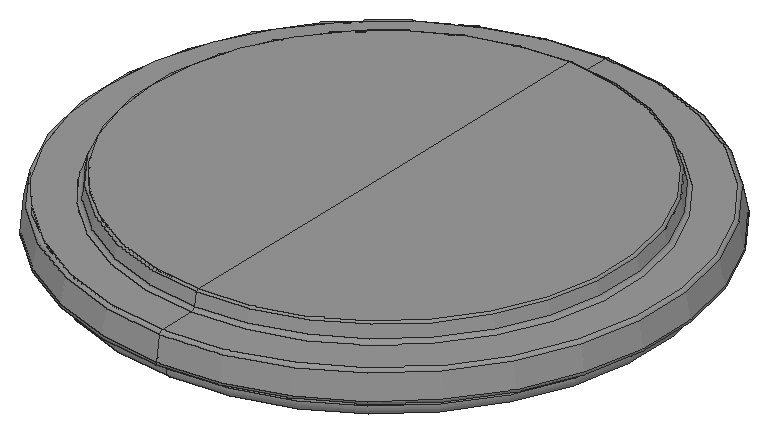
Revit family "FMK13_63_UN_Surface-mounted_ETK", category Lighting Fixtures, Revit 2017
Family settings
  Round Connector Dimension = Use Diameter
  Part Type = Normal
  OmniClass Number = 23.80.70.11.14.11
  OmniClass Title = Downlights
  Work Plane-Based = No
  Always vertical = Yes
  Cut with Voids When Loaded = No
  Light Source = No
  Shared = No
  Room Calculation Point = Yes
Parameters (values of type "FMK.1309.10 - Ø350x40 / 25W")
  Wattage Comments = "25W"
  Wall mounted [instance] = no
  Voltage = 230 V
  URL = "https://www.etk.nl/--4761"
  Type Comments = "IP54 - IK08"
  Symbol_Waterproof [instance] = no
  Symbol_Emergency Lighting [instance] = no
  Symbol Type = FMK.1 D350 Light_Symbol_IVL : Symbol 350mm
  Switch Code [instance] = ""
  Radius = Diameter / 2  # 175 mm
  Model = "FMK.1"
  Manufacturer = "ETK licht B.V."
  Luminaire_Body_Material = PPS Plastic
  Luminaire Code [instance] = ""
  Lamp = "LED"
  IfcExportType = "USERDEFINED"
  IfcExportAs = "IfcLightFixtureType"
  Distance Symbol [instance] = if(Wall mounted, 250 mm, 0 mm)  # 0 mm
  Distance Luminaire Wall [instance] = if([40mm Height], 28.2 mm, 38.2 mm)  # 28.2 mm
  Distance Luminaire [instance] = if([40mm Height], 28.2 mm, 38.2 mm)  # 28.2 mm
  Diameter = 350 mm
  Description = "Surface Mounted"
  Copyright © IVLighting = "www.ivlighting.nl"
  Ceiling mounted [instance] = not(Wall mounted)  # yes
  Calc_Radius = Radius - 7.7 mm  # 167.3 mm
  Bundle = "120°"
  Assembly Code = "63.0"
  Apparent Load = 25 VA
  48mm Height = not([40mm Height])  # no
  40mm Height = yes
Reference planes
  plane 1 "Center (Front/Back)": y = 0
  plane 2: z = 0
  plane 3 "Center (Left/Right)": x = 0
Dimensions and locks
  "Distance Luminaire": plane 2 to nested 3
  "Distance Luminaire Wall": nested 2 to plane 3 "Center (Left/Right)"
  "Distance Symbol": plane 3 "Center (Left/Right)" to nested 1
  aligned and locked: level to plane 2
Nested families
  nested 1: "FMK.1 D350 Light_Symbol_IVL" at (0, 0, 0), Wall mounted <- "Wall mounted", Emergency Lighting <- "Symbol_Emergency Lighting", Waterproof <- "Symbol_Waterproof", type <- "Symbol Type", type "Symbol 350mm"
    with Waterproof no, Wall mounted no, Lighting Fixture yes, Emergency Lighting no
  nested 2: "FMK1 Geometry" at (40.028, 0, -0.011) x (0, 0, 1) z (-1, 0, 0), visible <- "Wall mounted", type "FMK1 Geometry"
    with Symbol_Waterproof no, Symbol_Emergency Lighting no, Radius 175 mm, Diameter 350 mm, Calc_Radius 167.3 mm
  nested 3: "FMK1 Geometry" at (0, 0, -40.028) x (0, -1, 0) z (0, 0, 1), visible <- "Ceiling mounted", type "FMK1 Geometry"
    with Symbol_Waterproof no, Symbol_Emergency Lighting no, Radius 175 mm, Diameter 350 mm, Calc_Radius 167.3 mm
  nested 4: "FMK.1 - Lightsource" at (40.039, -3.799, 2.924) x (0, 0, -1) z (-1, 0, 0), visible <- "Wall mounted", type "FMK.1109.10 - Ø250x48 / 12W"
  nested 5: "FMK.1 - Lightsource" at (0, -0.95, -38.75), visible <- "Ceiling mounted", type "FMK.1109.10 - Ø250x48 / 12W"
Connectors
  electrical at (0, 0, 0), driven by "Apparent Load"
    settings: index 1, voltage 0 V, apparent load 0 VA, apparent load phase1 25 VA, apparent load phase2 0 VA, apparent load phase3 0 VA, power factor 1, load classification "Other", number of poles 1, system type 31, power factor state 1, is connector primary yes, connector utility no, sub classification motor no, connector description ""
Definition of nested family "FMK1 Geometry"
  Parameters (values of type "FMK1 Geometry")
    URL = "https://www.etk.nl/--4761"
    Type Comments = "IP54 - IK08"
    Symbol_Waterproof [instance] = no
    Symbol_Emergency Lighting [instance] = no
    Radius = Diameter / 2  # 150 mm
    Model = "FMK.1"
    Manufacturer = "ETK licht B.V."
    Luminaire_Body_Material = none
    Diameter = 300 mm
    Description = "Surface Mounted"
    Default Elevation = 1219.2 mm
    Copyright © IVLighting = "www.ivlighting.nl"
    Calc_Radius = Radius - 7.7 mm  # 142.3 mm
    Assembly Code = "63.0"
    48mm Height = not([40mm Height])  # no
    40mm Height = yes
  Reference planes
    plane 1 "Center (Front/Back)": y = 0
    plane 2: z = 0
    plane 3 "Center (Left/Right)": x = 0
    plane 4: x = -150
    plane 5: x = -142.3
    plane 6: x = -117.421
    plane 7: x = -150
    plane 8: x = -120.493
  Forms (mm)
    Revolve 1, solid, visible <- "48mm Height"
      sketch origin (0, 0, 0) x (1, 0, 0) y (0, 0, 1)
        loop
          line (0, 11.878) -> (0, 50.016) -> (-117.421, 50.016)
          arc (-117.421, 50.016) -> (-118.285, 49.731) -> (-118.81, 48.988) r 1.453
          arc (-118.81, 48.988) -> (-120.071, 44.131) -> (-120.91, 39.183) r 58.4
          arc (-120.91, 39.183) -> (-121.418, 38.222) -> (-122.436, 37.837) r 1.538
          line (-122.436, 37.837) -> (-141.664, 37.837)
          arc (-141.664, 37.837) -> (-143.489, 37.28) -> (-144.691, 35.8) r 3.266
          arc (-144.691, 35.8) -> (-148.152, 25.071) -> (-150, 13.95) r 76.559
          arc (-150, 13.95) -> (-149.511, 12.497) -> (-148.108, 11.878) r 1.9
          line (-148.108, 11.878) -> (0, 11.878)
        axis (0, 50.016) -> (0, 11.878)
      angle from 0 to 360
    Revolve 2, solid
      sketch origin (0, 0, 0) x (1, 0, 0) y (0, 0, 1)
        loop
          line (-135.229, 0) -> (0, 0) -> (0, 11.828) -> (-142.3, 11.828) -> (-142.3, 7.071)
          arc (-142.3, 7.071) -> (-140.229, 2.071) -> (-135.229, 0) r 7.071
        axis (0, 11.828) -> (0, 0)
      angle from 0 to 360
    Revolve 3, solid, visible <- "40mm Height"
      sketch origin (0, 0, 0) x (1, 0, 0) y (0, 0, 1)
        loop
          line (0, 11.878) -> (0, 40) -> (-117.421, 40)
          arc (-117.421, 40) -> (-118.285, 39.715) -> (-118.81, 38.972) r 1.453
          arc (-118.81, 38.972) -> (-119.76, 35.483) -> (-120.493, 31.941) r 58.4
          arc (-120.493, 31.941) -> (-121.366, 30.426) -> (-123.008, 29.828) r 2.553
          line (-123.008, 29.828) -> (-145.086, 29.828)
          arc (-145.086, 29.828) -> (-146.498, 29.355) -> (-147.342, 28.129) r 2.347
          arc (-147.342, 28.129) -> (-149.006, 21.102) -> (-150, 13.95) r 76.559
          arc (-150, 13.95) -> (-149.511, 12.497) -> (-148.108, 11.878) r 1.9
          line (-148.108, 11.878) -> (0, 11.878)
        axis (0, 40) -> (0, 11.878)
      angle from 0 to 360
  Dimensions and locks
    "Radius": plane 3 "Center (Left/Right)" to plane 4
    "Calc_Radius": plane 3 "Center (Left/Right)" to plane 5
    locked: plane 6 to plane 4 at 32.579
    Revolve 3 sketch curve to plane 2 = 40 mm
    locked: plane 7 to plane 8 at 29.507
    "Radius": plane 3 "Center (Left/Right)" to plane 7
    aligned and locked: level to plane 2
    aligned and locked: plane 4 to Revolve 1 sketch curve
    aligned and locked: plane 5 to Revolve 2 sketch curve
    aligned and locked: plane 6 to Revolve 1 sketch curve
    aligned and locked: plane 7 to Revolve 3 sketch curve
  Automatic sketch dimensions
    Revolve 1 sketch curve to plane 4 = 0 mm
    Revolve 1 sketch curve to plane 3 "Center (Left/Right)" = 0 mm  (x2)
    plane 4 to Revolve 1 sketch curve = 1.892 mm
    plane 4 to Revolve 1 sketch curve = 8.336 mm
    Revolve 1 sketch curve to plane 6 = 5.015 mm
    level to Revolve 1 sketch curve = 6.994 mm
    plane 6 to Revolve 1 sketch curve = 43.663 mm
    Revolve 1 sketch curve to Revolve 1 sketch curve = 10.792 mm
    level to Revolve 1 sketch curve = 11.878 mm
    Revolve 1 sketch curve to Revolve 1 sketch curve = 24.906 mm
    Revolve 1 sketch curve to Revolve 1 sketch curve = 20.793 mm
    Revolve 1 sketch curve to Revolve 1 sketch curve = 3.266 mm
    Revolve 1 sketch curve to Revolve 1 sketch curve = 1.538 mm
    Revolve 1 sketch curve to Revolve 1 sketch curve = 9.38 mm
    Revolve 1 sketch curve to Revolve 1 sketch curve = 38.138 mm
    Revolve 1 sketch curve to Revolve 1 sketch curve = 0 mm
    Revolve 1 sketch curve to level = 366.045 mm
    Revolve 1 sketch curve to Revolve 1 sketch curve = 2164.299 mm
    Revolve 2 sketch curve to level = 0 mm
    Revolve 2 sketch curve to plane 3 "Center (Left/Right)" = 0 mm  (x2)
    plane 5 to Revolve 2 sketch curve = 7.071 mm
    level to Revolve 2 sketch curve = 11.828 mm
    Revolve 2 sketch curve to Revolve 2 sketch curve = 366.045 mm
    Revolve 2 sketch curve to Revolve 2 sketch curve = 2202.487 mm
    plane 7 to Revolve 3 sketch curve = 0 mm
    plane 8 to Revolve 3 sketch curve = 0 mm  (x2)
    Revolve 3 sketch curve to plane 3 "Center (Left/Right)" = 0 mm  (x2)
    Revolve 3 sketch curve to plane 7 = 1.892 mm
    Revolve 3 sketch curve to plane 7 = 4.914 mm
    plane 8 to Revolve 3 sketch curve = 2.515 mm
    Revolve 3 sketch curve to plane 8 = 3.073 mm
    level to Revolve 3 sketch curve = 6.994 mm
    Revolve 3 sketch curve to plane 8 = 46.736 mm
    Revolve 3 sketch curve to Revolve 3 sketch curve = 10.792 mm
    level to Revolve 3 sketch curve = 11.878 mm
    Revolve 3 sketch curve to Revolve 3 sketch curve = 14.89 mm
    Revolve 3 sketch curve to Revolve 3 sketch curve = 13.703 mm
    Revolve 3 sketch curve to Revolve 3 sketch curve = 2.347 mm
    Revolve 3 sketch curve to Revolve 3 sketch curve = 1.453 mm
    Revolve 3 sketch curve to level = 366.045 mm
    Revolve 3 sketch curve to Revolve 3 sketch curve = 2174.315 mm
Definition of nested family "FMK.1 D350 Light_Symbol_IVL"
  Parameters (values of type "Symbol 350mm")
    Waterproof [instance] = no
    Wall mounted [instance] = no
    Lighting Fixture [instance] = yes
    Emergency Lighting [instance] = no
  Types (3): name
    Symbol 250mm
    Symbol 300mm
    Symbol 350mm
  Reference planes
    plane 1: y = 0
    plane 2: x = 0
  Lines and regions (mm)
    Filled region 1, type "Emergency Lighting", visible <- "Waterproof"
      outline origin (5.15, 1.04, 0) x (1, 0, 0) y (0, 1, 0)
        loop
          arc (-6.874, -1.34) -> (-6.276, -2.38) -> (-5.15, -2.79) r 1.75
          arc (-5.15, -2.79) -> (-4.024, -2.38) -> (-3.426, -1.34) r 1.75
          line (-3.426, -1.34) -> (-6.874, -1.34)
    Filled region 2, type "Emergency Lighting", visible <- "Emergency Lighting"
      outline origin (-5.15, 1.04, 0) x (0, 1, 0) y (-1, 0, 0)
        loop
          line (-1.04, -5.15) -> (-2.278, -6.387)
          arc (-2.278, -6.387) -> (-1.04, -6.9) -> (0.197, -6.387) r 1.75
          line (0.197, -6.387) -> (-1.04, -5.15)
    Filled region 3, type "Emergency Lighting", visible <- "Emergency Lighting"
      outline origin (5.15, 1.04, 0) x (1, 0, 0) y (0, 1, 0)
        loop
          line (-5.15, -1.04) -> (-6.387, 0.197)
          arc (-6.387, 0.197) -> (-6.9, -1.04) -> (-6.387, -2.278) r 1.75
          line (-6.387, -2.278) -> (-5.15, -1.04)
    detail lines, visible <- "Lighting Fixture"
      curve 1: circle (0, 0, 0) r 1.75 normal (0, 0, 1)
    detail lines, visible <- "Waterproof"
      curve 2: circle (0, 0, 0) r 1.75 normal (0, 0, 1)
    detail lines, visible <- "Emergency Lighting"
      curve 3: circle (0, 0, 0) r 1.75 normal (0, 0, 1)
    detail lines, visible <- "Wall mounted"
      curve 4: line (-1.75, 0, 0) -> (-2.5, 0, 0)
      curve 5: line (-2.5, 1, 0) -> (-2.5, -1, 0)
Definition of nested family "FMK.1 - Lightsource"
  Parameters (values of type "FMK.1109.10 - Ø250x48 / 12W")
    Wattage Comments = "12W"
    Wattage = 23.5624 W
    built-in parameter 1150110 = 1 (stored number, unit not read)
    URL = "https://www.etk.nl/--4761"
    built-in parameter 1114217 = 1 (stored number, unit not read)
    Tilt Angle = 90.00°
    built-in parameter 1150109 = 1 (stored number, unit not read)
    built-in parameter 1150134 = (empty or 0)
    built-in parameter 1150113 = 1 (stored number, unit not read)
    Photometric Web File = "FMK.1109.10.ies"
    built-in parameter 1150142 = "IESNA:LM-63-2002\r\n[TEST] /2015\r\n[TESTLAB] ies2eulumdat.appspot.com\r\n[ISSUEDATE] 2021-06-16T09:00:21.829\r\n[MANUFAC] www.etk.nl\r\n[LUMCAT] FMK.1109.10\r\n[LUMINAIRE] FMK.1 LED 12W 3000/4000/5700K ø250 niet dimbaar\r\n[LAMPCAT] LED\r\n[LAMP] LED\r\nTILT=NONE\r\n1\t1150\t1\t46\t180\t1\t2\t-0.250\t-0.250\t0\r\n1.0\t1.0\t11.80\r\n0\t 2\t 4\t 6\t 8\t 10\t 12\t 14\t 16\t 18\r\n20\t 22\t 24\t 26\t 28\t 30\t 32\t 34\t 36\t 38\r\n40\t 42\t 44\t 46\t 48\t 50\t 52\t 54\t 56\t 58\r\n60\t 62\t 64\t 66\t 68\t 70\t 72\t 74\t 76\t 78\r\n80\t 82\t 84\t 86\t 88\t 90\r\n0\t 2\t 4\t 6\t 8\t 10\t 12\t 14\t 16\t 18\r\n20\t 22\t 24\t 26\t 28\t 30\t 32\t 34\t 36\t 38\r\n40\t 42\t 44\t 46\t 48\t 50\t 52\t 54\t 56\t 58\r\n60\t 62\t 64\t 66\t 68\t 70\t 72\t 74\t 76\t 78\r\n80\t 82\t 84\t 86\t 88\t 90\t 92\t 94\t 96\t 98\r\n100\t 102\t 104\t 106\t 108\t 110\t 112\t 114\t 116\t 118\r\n120\t 122\t 124\t 126\t 128\t 130\t 132\t 134\t 136\t 138\r\n140\t 142\t 144\t 146\t 148\t 150\t 152\t 154\t 156\t 158\r\n160\t 162\t 164\t 166\t 168\t 170\t 172\t 174\t 176\t 178\r\n180\t 182\t 184\t 186\t 188\t 190\t 192\t 194\t 196\t 198\r\n200\t 202\t 204\t 206\t 208\t 210\t 212\t 214\t 216\t 218\r\n220\t 222\t 224\t 226\t 228\t 230\t 232\t 234\t 236\t 238\r\n240\t 242\t 244\t 246\t 248\t 250\t 252\t 254\t 256\t 258\r\n260\t 262\t 264\t 266\t 268\t 270\t 272\t 274\t 276\t 278\r\n280\t 282\t 284\t 286\t 288\t 290\t 292\t 294\t 296\t 298\r\n300\t 302\t 304\t 306\t 308\t 310\t 312\t 314\t 316\t 318\r\n320\t 322\t 324\t 326\t 328\t 330\t 332\t 334\t 336\t 338\r\n340\t 342\t 344\t 346\t 348\t 350\t 352\t 354\t 356\t 358\r\n\r\n405.3384\t404.7765\t404.2265\t402.9975\t401.1013\t399.2051\t395.3191\t391.4331\t387.5471\t383.661\r\n379.7751\t373.4779\t367.169\t360.8717\t354.5746\t348.2657\t339.7094\t331.1415\t322.5852\t314.029\r\n305.461\t294.8096\t284.1582\t273.5069\t262.8555\t252.2041\t239.7267\t227.261\t214.7837\t202.3181\r\n189.8525\t177.3751\t164.9094\t152.432\t139.9664\t127.4891\t0\t0\t0\t0\r\n0\t0\t0\t0\t0\t0\r\n405.3384\t404.7925\t404.2577\t403.0448\t401.1686\t399.2994\t395.4335\t391.5606\t387.7102\t383.8203\r\n379.9334\t373.6444\t367.3443\t361.0453\t354.7325\t348.4388\t339.8983\t331.3616\t322.8117\t314.2627\r\n305.722\t295.0872\t284.4404\t273.8022\t263.1576\t252.5163\t240.0548\t227.5873\t215.131\t202.664\r\n190.1945\t177.7378\t165.2697\t152.8012\t140.3312\t128.1946\t0.3296\t0\t0\t0\r\n0\t0\t0\t0\t0\t0\r\n405.3384\t404.8094\t404.2892\t403.0935\t401.2796\t399.4809\t395.6213\t391.7396\t387.8385\t383.9437\r\n380.072\t373.802\t367.5085\t361.2065\t354.9129\t348.6531\t340.137\t331.5961\t323.0451\t314.5012\r\n305.9895\t295.3818\t284.734\t274.0862\t263.4264\t252.8071\t240.376\t227.9231\t215.4572\t202.995\r\n190.53\t178.0631\t165.6056\t153.1389\t140.6717\t129.4859\t1.3419\t0\t0\t0\r\n0\t0\t0\t0\t0\t0\r\n405.3384\t404.8271\t404.3209\t403.1488\t401.3532\t399.5783\t395.7291\t391.8382\t387.9181\t384.0265\r\n380.1901\t373.9544\t367.6616\t361.3486\t355.0482\t348.8012\t340.3437\t331.8018\t323.2501\t314.6929\r\n306.2129\t295.662\t285.012\t274.3604\t263.7094\t253.1247\t240.74\t228.2758\t215.8122\t203.3491\r\n190.8749\t178.4127\t165.9503\t153.4898\t141.027\t131.3458\t3.1025\t0\t0\t0\r\n0\t0\t0\t0\t0\t0\r\n405.3384\t404.8458\t404.3591\t403.1978\t401.4167\t399.6486\t395.7816\t391.8937\t388.0038\t384.1068\r\n380.2987\t374.1143\t367.817\t361.5156\t355.2003\t348.9967\t340.5979\t332.043\t323.4957\t314.942\r\n306.4955\t295.9896\t285.3021\t274.6328\t263.9659\t253.4202\t241.0823\t228.6129\t216.1591\t203.6915\r\n191.2234\t178.7558\t166.3001\t153.8352\t141.371\t133.6544\t5.718\t0\t0\t0\r\n0\t0\t0\t0\t0\t0\r\n405.3384\t404.8652\t404.3908\t403.2459\t401.4706\t399.6646\t395.8675\t391.9843\t388.0857\t384.1821\r\n380.4316\t374.3456\t368.0256\t361.7021\t355.3697\t349.2\t340.8799\t332.2872\t323.6935\t315.0968\r\n306.6804\t296.3012\t285.6181\t274.9391\t264.248\t253.707\t241.4578\t228.9766\t216.4988\t204.0245\r\n191.5571\t179.0864\t166.6186\t154.1544\t141.6922\t136.24\t9.3369\t0\t0\t0\r\n0\t0\t0\t0\t0\t0\r\n405.3384\t404.8854\t404.4219\t403.2933\t401.5055\t399.7186\t395.9651\t392.0842\t388.1903\t384.3067\r\n380.5784\t374.5562\t368.2162\t361.8639\t355.4958\t349.3364\t341.1183\t332.5123\t323.9013\t315.2964\r\n306.9063\t296.6299\t285.9122\t275.1976\t264.4831\t253.9575\t241.8218\t229.3201\t216.8328\t204.3396\r\n191.8483\t179.3695\t166.8926\t154.4222\t141.9565\t138.8551\t14.1501\t0\t0\t0\r\n0\t0\t0\t0\t0\t0\r\n405.3384\t404.9066\t404.4521\t403.3398\t401.5506\t399.7766\t396.0731\t392.2029\t388.3231\t384.3922\r\n380.6589\t374.7488\t368.3792\t361.9898\t355.5837\t349.4181\t341.3685\t332.7528\t324.1099\t315.4532\r\n307.0598\t296.9581\t286.2249\t275.4731\t264.7159\t254.1799\t242.1928\t229.6762\t217.1659\t204.6692\r\n192.1717\t179.6758\t167.1817\t154.6978\t142.2295\t141.3105\t20.401\t0\t0\t0\r\n0\t0\t0\t0\t0\t0\r\n405.3384\t404.9688\t404.4817\t403.3908\t401.5946\t399.8358\t396.2032\t392.3475\t388.4203\t384.4425\r\n380.7195\t374.9437\t368.5473\t362.1238\t355.6851\t349.5134\t341.9282\t332.9785\t324.3069\t315.6402\r\n306.9436\t297.5694\t286.5262\t275.7395\t264.9593\t254.1623\t242.7912\t230.0358\t217.5005\t204.986\r\n192.4711\t179.9636\t167.4644\t154.9748\t142.4941\t143.2492\t28.3764\t0\t0\t0\r\n0\t0\t0\t0\t0\t0\r\n405.3384\t404.9901\t404.5102\t403.434\t401.6375\t399.8986\t396.3675\t392.4653\t388.4946\t384.4886\r\n380.7515\t375.1532\t368.7296\t362.2829\t355.7949\t349.2691\t342.1908\t333.257\t324.528\t315.7751\r\n307.0363\t297.9246\t286.8722\t276.0236\t265.1733\t254.3419\t243.18\t230.433\t217.8766\t205.3224\r\n192.7845\t180.2462\t167.7206\t155.2142\t142.724\t144.3059\t38.4235\t0\t0\t0\r\n0\t0\t0\t0\t0\t0\r\n405.3384\t405.0108\t404.5376\t403.4745\t401.6757\t399.9613\t396.5103\t392.5677\t388.5717\t384.5293\r\n380.4421\t375.6788\t368.9428\t362.4278\t355.8852\t349.3419\t342.4468\t333.4846\t324.7196\t315.9401\r\n307.1422\t298.1755\t287.1691\t276.2852\t265.4162\t254.5351\t243.54\t230.8321\t218.2158\t205.6051\r\n193.0422\t180.5018\t167.9628\t155.4439\t142.9509\t130.4715\t80.1717\t0\t0\t0\r\n0\t0\t0\t0\t0\t0\r\n405.3384\t405.0308\t404.5638\t403.5122\t401.7197\t400.0344\t396.6479\t392.675\t388.642\t384.5539\r\n380.446\t375.8849\t369.1475\t362.5941\t356.0076\t349.3402\t342.606\t333.7678\t324.9507\t316.0958\r\n307.1888\t298.3823\t287.5427\t276.5987\t265.6547\t254.6769\t243.7733\t231.1892\t218.5583\t205.9536\r\n193.3574\t180.7795\t168.2176\t155.6732\t143.1664\t130.6811\t92.6587\t0\t0\t0\r\n0\t0\t0\t0\t0\t0\r\n405.3384\t405.0504\t404.5956\t403.547\t401.7653\t400.0733\t397.0342\t392.7846\t388.7175\t384.6009\r\n380.4658\t376.0643\t369.3866\t362.7735\t356.0799\t349.3699\t342.7566\t334.0832\t325.1628\t316.2179\r\n307.2752\t298.5357\t287.9146\t276.8913\t265.8705\t254.8646\t244.0337\t231.6235\t218.9315\t206.265\r\n193.6356\t181.0339\t168.4572\t155.9156\t143.3861\t130.8825\t104.473\t0\t0\t0\r\n0\t0\t0\t0\t0\t0\r\n405.3384\t405.0692\t404.6173\t403.5726\t401.812\t400.0922\t397.1653\t392.8976\t388.795\t384.6787\r\n380.4567\t376.1942\t369.6246\t362.9226\t356.2055\t349.4272\t342.8367\t334.3769\t325.3805\t316.3703\r\n307.3625\t298.3377\t288.5546\t277.2123\t266.1258\t255.0391\t244.1559\t232.0335\t219.3073\t206.6258\r\n193.9576\t181.3129\t168.7045\t156.1324\t143.5875\t131.0872\t115.0185\t0\t0\t0\r\n0\t0\t0\t0\t0\t0\r\n405.3384\t405.0876\t404.6362\t403.6022\t401.8688\t399.828\t397.2783\t392.9976\t388.9023\t384.7385\r\n380.4432\t376.2623\t369.8607\t363.1303\t356.3361\t349.4819\t342.5273\t334.9205\t325.6274\t316.563\r\n307.4647\t298.325\t288.8953\t277.552\t266.3836\t255.2249\t244.066\t232.6598\t219.71\t206.9637\r\n194.2635\t181.5828\t168.9417\t156.3369\t143.7678\t131.2452\t123.6219\t0\t0\t0\r\n0\t0\t0\t0\t0\t0\r\n405.3384\t405.1054\t404.6527\t403.6299\t401.9954\t399.8313\t397.3825\t393.1311\t389.0376\t384.7914\r\n380.4256\t376.2601\t370.1442\t363.3441\t356.5\t349.5195\t342.4467\t335.1645\t325.9313\t316.7695\r\n307.548\t298.3169\t289.1161\t277.9297\t266.651\t255.4032\t244.1853\t232.9715\t220.1319\t207.3312\r\n194.5444\t181.8166\t169.148\t156.5181\t143.9438\t131.4005\t129.5504\t10.7169\t0\t0\r\n0\t0\t0\t0\t0\t0\r\n405.3384\t405.1227\t404.6665\t403.6558\t402.0282\t399.8387\t397.4732\t393.2952\t389.1616\t384.8421\r\n380.4176\t375.9014\t370.721\t363.6037\t356.6569\t349.5494\t342.4061\t335.3294\t326.2421\t316.9739\r\n307.6665\t298.3454\t289.1781\t278.2878\t266.963\t255.6467\t244.3238\t233.1536\t220.5163\t207.6577\r\n194.8355\t182.0686\t169.3482\t156.6677\t144.0408\t131.4715\t131.8453\t25.923\t0\t0\r\n0\t0\t0\t0\t0\t0\r\n405.3384\t405.1396\t404.6776\t403.6776\t402.0538\t399.8619\t397.5341\t393.5083\t389.2881\t384.8846\r\n380.4261\t375.832\t370.9139\t363.9038\t356.8028\t349.6355\t342.4017\t335.332\t326.5796\t317.2212\r\n307.8198\t298.3417\t288.8594\t278.9905\t267.339\t255.8866\t244.4302\t233.0061\t221.1259\t208.0094\r\n195.1274\t182.2902\t169.5075\t156.7928\t144.1389\t131.538\t118.9821\t72.5747\t0\t0\r\n0\t0\t0\t0\t0\t0\r\n405.3384\t405.1559\t404.686\t403.7113\t402.0482\t399.882\t397.6063\t393.7003\t389.4083\t384.9648\r\n380.4586\t375.7543\t371.0891\t364.165\t357.0131\t349.7518\t342.4103\t334.9484\t327.1548\t317.4999\r\n307.9709\t298.3923\t288.8332\t279.2321\t267.7019\t256.1485\t244.593\t233.049\t221.4516\t208.379\r\n195.4187\t182.5259\t169.6952\t156.9157\t144.2105\t131.5685\t118.9925\t91.6472\t0\t0\r\n0\t0\t0\t0\t0\t0\r\n405.3384\t405.1718\t404.6918\t403.7304\t402.0748\t399.9057\t397.6713\t393.8957\t389.5114\t385.088\r\n380.4979\t375.7076\t371.0587\t364.4889\t357.2386\t349.9042\t342.4218\t334.8539\t327.2884\t317.8216\r\n308.1836\t298.5219\t288.784\t279.2695\t268.1369\t256.4569\t244.7869\t233.1079\t221.6219\t208.7797\r\n195.7476\t182.7712\t169.842\t157.0084\t144.2669\t131.5897\t118.9856\t106.3522\t0\t0\r\n0\t0\t0\t0\t0\t0\r\n405.3384\t405.1872\t404.677\t403.7455\t402.1069\t399.9332\t397.7438\t394.3242\t389.6719\t385.2237\r\n380.5442\t375.6807\t370.6129\t365.0631\t357.5309\t350.0674\t342.4859\t334.7817\t327.2448\t318.4473\r\n308.4635\t298.6371\t288.784\t278.8955\t268.7927\t256.8209\t244.9966\t233.2361\t221.4851\t209.3772\r\n196.0586\t182.9925\t170.014\t157.1221\t144.303\t131.5659\t118.922\t115.4507\t0.7529\t0\r\n0\t0\t0\t0\t0\t0\r\n405.3384\t405.2023\t404.5924\t403.7567\t402.1445\t399.9518\t397.5215\t394.4699\t389.8906\t385.382\r\n380.6063\t375.6074\t370.4961\t365.1827\t357.8531\t350.2794\t342.5728\t334.767\t326.8088\t318.7303\r\n308.7717\t298.8224\t288.8326\t278.8036\t268.8778\t257.2662\t245.3121\t233.3885\t221.4719\t209.6291\r\n196.4163\t183.2663\t170.1886\t157.217\t144.3317\t131.5459\t118.8227\t106.1876\t17.4697\t0\r\n0\t0\t0\t0\t0\t0\r\n405.3384\t405.217\t404.5944\t403.7643\t402.2164\t399.9969\t397.5215\t394.5348\t390.1198\t385.5481\r\n380.6842\t375.579\t370.3695\t365.1761\t358.5091\t350.5396\t342.7377\t334.7731\t326.7113\t318.7291\r\n309.1553\t299.0695\t288.9289\t278.7193\t268.5571\t257.9194\t245.6422\t233.5555\t221.5159\t209.6959\r\n196.8141\t183.564\t170.3986\t157.3153\t144.3298\t131.4311\t118.6433\t105.963\t65.2493\t0\r\n0\t0\t0\t0\t0\t0\r\n405.3384\t405.2314\t404.597\t403.7683\t402.259\t400.1387\t397.5142\t394.6254\t390.3718\t385.7346\r\n380.7618\t375.6336\t370.2359\t364.7113\t358.7633\t350.8369\t342.942\t334.8576\t326.6208\t318.2983\r\n309.7123\t299.3766\t289.0811\t278.7695\t268.3526\t258.0866\t246.0418\t233.822\t221.6258\t209.5032\r\n197.3492\t183.8918\t170.5912\t157.4067\t144.3357\t131.3476\t118.48\t105.7362\t86.9291\t0\r\n0\t0\t0\t0\t0\t0\r\n405.3384\t405.2454\t404.6007\t403.7691\t402.2969\t400.2013\t397.5194\t394.7022\t390.8756\t385.9297\r\n380.8283\t375.6809\t370.2029\t364.5257\t358.7975\t351.2443\t343.1931\t334.9798\t326.6184\t318.1094\r\n309.6994\t299.7814\t289.3562\t278.8261\t268.235\t257.6488\t246.725\t234.1375\t221.8235\t209.5282\r\n197.4412\t184.2693\t170.8692\t157.5318\t144.3183\t131.2485\t118.3192\t105.4985\t99.8452\t0\r\n0\t0\t0\t0\t0\t0\r\n405.3384\t405.2465\t404.6055\t403.7327\t402.33\t400.28\t397.5374\t394.7758\t391.1064\t386.1222\r\n380.9814\t375.6963\t370.1916\t364.3689\t358.3019\t351.8681\t343.551\t335.1761\t326.6651\t318.0094\r\n309.224\t300.3263\t289.676\t278.9673\t268.2109\t257.4449\t246.79\t234.5954\t222.0662\t209.6096\r\n197.2538\t184.796\t171.1111\t157.6776\t144.3725\t131.1929\t118.1378\t105.2239\t92.4606\t7.417\r\n0\t0\t0\t0\t0\t0\r\n405.3384\t405.26\t404.6117\t403.7331\t402.3583\t400.3318\t397.5727\t394.5667\t391.2865\t386.3445\r\n381.2477\t375.7985\t370.1959\t364.244\t358.0878\t351.9228\t343.9437\t335.4465\t326.8059\t317.9911\r\n309.0489\t300.2024\t290.2985\t279.2004\t268.2951\t257.2789\t246.344\t235.2056\t222.4167\t209.7955\r\n197.2042\t184.8605\t171.4948\t157.9091\t144.4487\t131.1247\t117.9609\t104.9565\t92.1149\t52.9313\r\n0\t0\t0\t0\t0\t0\r\n405.3384\t405.2736\t404.6193\t403.7351\t402.3811\t400.3748\t397.6302\t394.5872\t391.3781\t386.8119\r\n381.4951\t375.9993\t370.2514\t364.1293\t357.9116\t351.3889\t344.5079\t335.822\t327.0416\t318.0736\r\n308.9557\t299.6921\t290.3569\t279.5927\t268.421\t257.3226\t246.1\t234.903\t222.8814\t210.0311\r\n197.2958\t184.6475\t172.0079\t158.165\t144.5452\t131.0796\t117.7978\t104.7315\t91.8426\t76.8551\r\n0\t0\t0\t0\t0\t0\r\n405.3384\t405.2871\t404.6284\t403.7382\t402.383\t400.4092\t397.8019\t394.6157\t391.382\t386.9759\r\n381.7537\t376.2214\t370.3501\t364.1175\t357.7917\t351.1064\t344.4201\t336.5393\t327.3814\t318.2587\r\n308.9705\t299.4656\t289.8818\t280.0753\t268.8078\t257.4031\t245.984\t234.5829\t223.2864\t210.4452\r\n197.4796\t184.6232\t171.8738\t158.4916\t144.6856\t131.1101\t117.7175\t104.5034\t91.5471\t87.0893\r\n0\t0\t0\t0\t0\t0\r\n405.3384\t405.3008\t404.6392\t403.7418\t402.3989\t400.4352\t397.8747\t394.6614\t391.0674\t387.1128\r\n382.2229\t376.4632\t370.4832\t364.2203\t357.7251\t350.8963\t343.8101\t336.6669\t327.8215\t318.561\r\n309.1145\t299.4337\t289.6313\t279.6987\t269.4041\t257.6346\t246.0417\t234.3777\t222.7877\t211.0609\r\n197.8041\t184.6956\t171.7174\t158.9026\t144.9461\t131.1605\t117.657\t104.3263\t91.2411\t78.3968\r\n8.6356\t0\t0\t0\t0\t0\r\n405.3384\t405.3146\t404.6518\t403.7453\t402.4116\t400.4333\t397.9374\t394.7255\t391.0189\t387.2362\r\n382.4741\t376.7553\t370.621\t364.3583\t357.712\t350.7498\t343.5434\t336.0689\t328.3754\t318.9975\r\n309.3575\t299.5473\t289.484\t279.3984\t269.2587\t258.261\t246.2079\t234.3624\t222.4746\t210.6739\r\n198.3975\t184.9162\t171.7187\t158.643\t145.2545\t131.3415\t117.6016\t104.16\t90.981\t78.0548\r\n54.1337\t0\t0\t0\t0\t0\r\n405.3384\t405.4889\t404.6945\t403.6712\t402.4205\t400.4506\t397.9834\t394.8928\t390.9998\t386.973\r\n382.6577\t377.3141\t370.8707\t364.5641\t357.7877\t350.7046\t343.3801\t335.7208\t327.8525\t319.6767\r\n309.7968\t299.7787\t289.6134\t279.2245\t268.6962\t258.2578\t246.6038\t234.4814\t222.3847\t210.2821\r\n198.4381\t185.3347\t171.8446\t158.564\t145.4985\t131.5442\t117.6455\t104.0124\t90.7095\t77.7184\r\n71.0115\t0\t0\t0\t0\t0\r\n405.3384\t405.5009\t404.7104\t403.6809\t402.4254\t400.4644\t398.0198\t394.9896\t391.014\t386.9406\r\n382.6666\t377.537\t371.2201\t364.837\t357.9545\t350.7593\t343.2926\t335.5022\t327.46\t319.1538\r\n310.4783\t300.1684\t289.8497\t279.2431\t268.5397\t257.661\t246.8589\t234.8353\t222.4783\t210.092\r\n197.8192\t185.7046\t172.2109\t158.5712\t145.1721\t131.9025\t117.7262\t103.9048\t90.5045\t77.4349\r\n64.724\t0\t0\t0\t0\t0\r\n405.3384\t405.512\t404.7274\t403.6949\t402.4256\t400.4737\t398.0459\t395.0319\t391.1349\t386.9314\r\n382.368\t377.565\t371.7894\t365.1647\t358.2122\t350.925\t343.2805\t335.4297\t327.1908\t318.7224\r\n309.9642\t300.886\t290.2777\t279.5029\t268.5805\t257.4726\t246.2239\t235.0727\t222.7881\t210.1727\r\n197.5617\t185.0625\t172.6371\t158.8143\t145.0846\t131.6118\t117.8827\t103.9322\t90.3265\t77.1744\r\n64.48\t35.0653\t0\t0\t0\t0\r\n405.3384\t405.522\t404.7455\t403.7452\t402.4209\t400.4773\t398.0588\t395.0488\t391.1753\t387.0135\r\n382.3352\t377.2242\t371.9159\t365.7147\t358.5534\t351.2243\t343.4254\t335.4792\t327.0606\t318.4772\r\n309.4696\t300.3065\t290.8705\t280.0089\t268.8629\t257.5392\t246.0377\t234.4621\t222.8965\t210.6316\r\n197.5873\t184.7291\t171.9505\t159.2993\t145.2866\t131.4601\t118.0115\t103.9741\t90.2222\t76.9361\r\n64.1798\t56.618\t0\t0\t0\t0\r\n405.3384\t405.5308\t404.7649\t403.7651\t402.3395\t400.4737\t398.0593\t395.0424\t391.207\t387.0567\r\n382.3506\t377.1527\t371.6378\t365.821\t359.1154\t351.6039\t343.7387\t335.6237\t327.116\t318.3892\r\n309.185\t299.8538\t290.1589\t280.4669\t269.6277\t257.8645\t246.1541\t234.2897\t222.3665\t210.3175\r\n198.0481\t184.7232\t171.6272\t158.6683\t145.768\t131.577\t117.6798\t104.1455\t90.1031\t76.7097\r\n63.9092\t51.7004\t0\t0\t0\t0\r\n405.3384\t405.5388\t404.7856\t403.7878\t402.34\t400.4766\t398.0469\t395.016\t391.2276\t387.086\r\n382.4782\t377.1848\t371.6139\t365.5258\t359.2193\t352.1252\t344.383\t335.9209\t327.3527\t318.4608\r\n309.1505\t299.601\t289.7392\t279.6691\t269.2868\t258.5846\t246.5891\t234.456\t222.2595\t209.9698\r\n197.5743\t185.146\t171.655\t158.2647\t145.101\t132.0467\t117.7168\t103.7776\t90.1162\t76.5416\r\n63.6537\t51.4481\t11.4644\t0\t0\t0\r\n405.3384\t405.5455\t404.8079\t403.8136\t402.3469\t400.3632\t398.021\t394.9736\t391.2361\t387.0991\r\n382.4999\t377.3413\t371.7228\t365.4801\t358.9167\t352.0852\t344.7107\t336.4982\t327.7775\t318.7203\r\n309.3167\t299.5744\t289.5996\t279.3072\t268.7148\t257.8887\t247.047\t235.2639\t222.5436\t209.9771\r\n197.2699\t184.5597\t171.885\t158.2865\t144.6692\t131.337\t118.1829\t103.7905\t89.9666\t76.4265\r\n63.4089\t51.1676\t44.0861\t0\t0\t0\r\n405.3384\t405.5513\t404.9774\t403.8429\t402.3609\t400.3505\t397.8886\t394.8898\t391.2407\t387.0953\r\n382.4979\t377.3824\t371.7634\t365.5989\t358.905\t351.812\t344.4396\t336.63\t328.3847\t319.3177\r\n309.7407\t299.8087\t289.728\t279.2246\t268.459\t257.4328\t246.1417\t234.7065\t223.2024\t210.4254\r\n197.4644\t184.3923\t171.2764\t158.1367\t144.9817\t130.9885\t117.4819\t104.1949\t89.9202\t76.3115\r\n63.1698\t50.8615\t39.4911\t0\t0\t0\r\n405.3384\t405.5559\t404.9992\t403.8756\t402.382\t400.349\t397.8573\t394.7468\t391.2145\t387.0848\r\n382.4587\t377.3893\t371.7642\t365.6347\t359.0468\t351.9462\t344.3869\t336.3706\t328.1386\t319.4674\r\n310.3444\t300.4744\t290.1739\t279.4322\t268.5321\t257.3547\t245.836\t234.1207\t222.3374\t210.1954\r\n198.078\t184.7804\t171.3331\t157.8412\t144.3958\t131.1966\t117.2105\t103.4803\t90.2145\t76.2405\r\n62.9998\t50.5463\t39.207\t5.7837\t0\t0\r\n405.3384\t405.5595\t405.017\t403.9123\t402.4111\t400.3595\t397.8451\t
